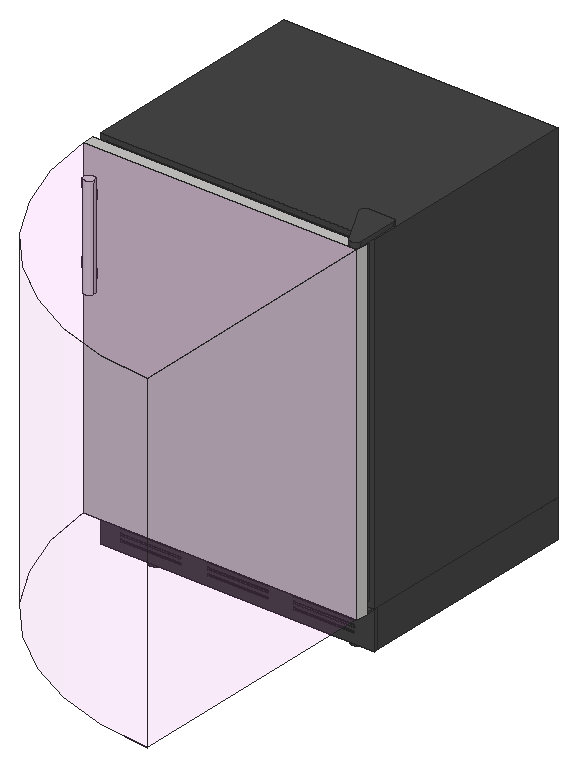
Revit family "QF_Summit_FF708BLSSRS_Refrigerator", category Specialty Equipment, Revit 2020
Family settings
  Round Connector Dimension = Use Diameter
  Part Type = Normal
  Work Plane-Based = No
  Always vertical = Yes
  Cut with Voids When Loaded = No
  Shared = No
  Room Calculation Point = No
Parameters
  Weight in Pounds = 100
  Watts = Volts * FL Amps  # 92 W
  Volts = 115 V
  URL Cutsheet = ""
  Specification by User = ""
  Specification by Manufacturer = ""
  Show Removable Cover [instance] = no
  Show 34.5 Height [instance] = no
  Show LHD [instance] = no
  Right Hinged Door [instance] = not(Show LHD)  # yes
  Serial Number = ""
  Seismic Rating = ""
  SMACNA No = ""
  Revision Code = ""
  Refrigerant Volume = 0.00 kip
  Refrigerant Type = "R600a"
  Phase = 1
  Number of Poles = 1
  NAFEM Spec ID Number = ""
  Model = "FF708BLSSRS"
  Min Ckt Ampacity = 0 A
  Max Overcurrent Protection = 0 A
  Masterspec = ""
  Manufacturer = "Summit"
  Length = 23 5/8"
  Item Number = ""
  Installed By = ""
  Identify Quantity as Lot = yes
  Height [instance] = if(Show 34.5 Height, 34 1/2", 33 1/2")  # 33 1/2"
  HP = ""
  Furnished By = ""
  Foodservice Equipment Identifier = yes
  FL Amps = 0.8 A
  Electrical Remarks = ""
  Electric Connection Type = ""
  Elec Conn RI Height = 0"
  Elec Conn Connection Height = 0"
  Description = "Refrigerator"
  Depth = 22 3/8"
  Default Elevation = 0"
  Cycle = 60 Hz
  Conn Plug = ""
  Conn Conduit = yes
  CSI MasterFormat = ""
  Base Height [instance] = if(Show 34.5 Height, 2 1/4", 1 1/4")  # 1 1/4"
  BTUH = 0.0 Btu/h
  Apparent Power = if(Phase = 3, Volts * FL Amps * 1.73, Volts * FL Amps)  # 92 VA
Reference planes (in)
  plane 1 "BACK": y = 0
  plane 2: z = 0
  plane 3 "LEFT": x = 0
  plane 4 "RIGHT": x = 23.625
  plane 5 "FRONT": y = -22.375
  plane 6 "TOP": z = 33.5
  plane 7 "Center Y": x = 11.8125
  plane 8 "Center X": y = -11.1875
  plane 9: z = 33.125
  plane 10: y = -24
  plane 11: y = -45
  plane 12: y = -0.75
  plane 13: y = -20.5
  plane 14 "Base Height": z = 1.25
  plane 15: x = 17.46169
  plane 16: z = 4.48989
Forms (in)
  Extrusion 1, solid, material "QF_Metallic_Paint_Black_Smooth"
    sketch origin (0, 0, 4.5) x (1, 0, 0) y (0, 1, 0)
      loop
        line (0, -0.75) -> (0, -20.5) -> (23.625, -20.5) -> (23.625, -0.75) -> (0, -0.75)
    from 0 to 28.625
  Extrusion 2, solid, material "QF_Metal_Stainless_Polished"
    sketch origin (-3.63846, -180, 1.25) x (-1, 0, 0) y (0, -1, 0)
      loop
        line (-3.63846, -157.625) -> (-27.26346, -157.625) -> (-27.26346, -158.625) -> (-3.63846, -158.625) -> (-3.63846, -157.625)
    from 3.25 to 31.875
  Extrusion 3, solid, material "QF_Metallic_Paint_Black_Smooth"
    sketch origin (23.625, -20.5, 4.5) x (-1, 0, 0) y (0, 0, -1)
      loop
        line (0.5, -0.5) -> (0.5, -28.125) -> (23.125, -28.125) -> (23.125, -0.5) -> (0.5, -0.5)
    from 0 to 0.875
  Extrusion 4, solid, material "QF_Metallic_Paint_Black_Smooth", visible <- "Right Hinged Door"
    sketch origin (0, 0, 33.125) x (1, 0, 0) y (0, 1, 0)
      loop
        arc (23.49982, -18.2597) -> (23.42659, -18.08292) -> (23.24982, -18.0097) r 0.25
        line (23.24982, -18.0097) -> (21.13852, -18.0097)
        arc (21.13852, -18.0097) -> (20.78238, -18.21325) -> (20.77701, -18.62342) r 0.41333
        line (20.77701, -18.62342) -> (22.69374, -22.08129)
        arc (22.69374, -22.08129) -> (23.17748, -22.28912) -> (23.49982, -21.87283) r 0.42999
        line (23.49982, -21.87283) -> (23.49982, -18.2597)
    from 0 to 0.375
  Extrusion 5, solid, material "QF_Metal_Stainless_Polished", visible <- "Right Hinged Door"
    sketch origin (-3.63846, -180, 31.375) x (-1, 0, 0) y (0, -1, 0)
      loop
        line (-3.63846, -158.625) -> (-3.51346, -158.625) -> (-3.51346, -157.55854) -> (-4.72237, -156.74311) -> (-5.38037, -156.74311) -> (-5.38037, -156.86811) -> (-4.76059, -156.86811) -> (-3.63846, -157.625) -> (-3.63846, -158.625)
    from -0.92956 to -1.67956
  Extrusion 6, solid, material "QF_Metal_Stainless_Polished", visible <- "Right Hinged Door"
    sketch origin (-3.63846, -180, 1.25) x (-1, 0, 0) y (0, -1, 0)
      loop
        circle (-5.05137, -156.43406) r 0.43516
    from 21.375 to 30.125
  Extrusion 7, solid, material "QF_Metal_Stainless_Polished", visible <- "Right Hinged Door"
    sketch origin (-3.63846, -180, 22.625) x (0, -1, 0) y (-1, 0, 0)
      loop
        line (-158.625, -3.63846) -> (-157.625, -3.63846) -> (-156.86811, -4.76059) -> (-156.86811, -5.38037) -> (-156.74311, -5.38037) -> (-156.74311, -4.72237) -> (-157.55854, -3.51346) -> (-158.625, -3.51346) -> (-158.625, -3.63846)
    from -0.92956 to -1.67956
  Extrusion 8, solid, material "QF_Metallic_Paint_Black_Smooth", visible <- "Right Hinged Door"
    sketch origin (-3.63846, -180, 4.5) x (0, -1, 0) y (-1, 0, 0)
      loop
        line (-159.5, -27.13827) -> (-158.12717, -27.13827)
        arc (-158.12717, -27.13827) -> (-157.71088, -26.81594) -> (-157.91871, -26.3322) r 0.42999
        line (-157.91871, -26.3322) -> (-159.5, -25.45567) -> (-159.5, -27.13827)
    from 0 to 0.125
  Extrusion 9, solid, material "QF_Metallic_Paint_Black_Smooth"
    sketch origin (0, -20.25, 0) x (1, 0, 0) y (0, 0, 1)
      loop
        line (0, 1.25) -> (23.625, 1.25) -> (23.625, 4.5) -> (0, 4.5) -> (0, 1.25)
      loop
        line (1.70562, 3.75) -> (1.70562, 3.5) -> (6.95562, 3.5) -> (6.95562, 3.75) -> (1.70562, 3.75)
      loop
        line (1.70562, 3.25) -> (1.70562, 3) -> (6.95562, 3) -> (6.95562, 3.25) -> (1.70562, 3.25)
      loop
        line (1.70562, 2.75) -> (1.70562, 2.5) -> (6.95562, 2.5) -> (6.95562, 2.75) -> (1.70562, 2.75)
      loop
        line (1.70562, 2.25) -> (1.70562, 2) -> (6.95562, 2) -> (6.95562, 2.25) -> (1.70562, 2.25)
      loop
        line (9.1875, 3.75) -> (9.1875, 3.5) -> (14.4375, 3.5) -> (14.4375, 3.75) -> (9.1875, 3.75)
      loop
        line (9.1875, 3.25) -> (9.1875, 3) -> (14.4375, 3) -> (14.4375, 3.25) -> (9.1875, 3.25)
      loop
        line (9.1875, 2.75) -> (9.1875, 2.5) -> (14.4375, 2.5) -> (14.4375, 2.75) -> (9.1875, 2.75)
      loop
        line (9.1875, 2.25) -> (9.1875, 2) -> (14.4375, 2) -> (14.4375, 2.25) -> (9.1875, 2.25)
      loop
        line (21.91938, 3.75) -> (16.66938, 3.75) -> (16.66938, 3.5) -> (21.91938, 3.5) -> (21.91938, 3.75)
      loop
        line (21.91938, 3.25) -> (16.66938, 3.25) -> (16.66938, 3) -> (21.91938, 3) -> (21.91938, 3.25)
      loop
        line (21.91938, 2.75) -> (16.66938, 2.75) -> (16.66938, 2.5) -> (21.91938, 2.5) -> (21.91938, 2.75)
      loop
        line (21.91938, 2.25) -> (16.66938, 2.25) -> (16.66938, 2) -> (21.91938, 2) -> (21.91938, 2.25)
    from 0 to 0.25
  Extrusion 10, solid, material "QF_Metallic_Paint_Black_Smooth"
    sketch origin (0, 0, 0) x (1, 0, 0) y (0, 0, 1)
      loop
        line (0, 4.5) -> (0, 1.25) -> (23.625, 1.25) -> (23.625, 4.5) -> (0, 4.5)
    from 20.25 to 0.75
  Extrusion 11, solid, material "QF_Metallic_Paint_Black_Smooth"
    sketch origin (0, 0, 0) x (1, 0, 0) y (0, 1, 0)
      loop
        circle (3.1104, -18.5) r 0.5
      loop
        circle (3.1104, -2.75) r 0.5
      loop
        circle (20.5146, -18.5) r 0.5
      loop
        circle (20.5146, -2.75) r 0.5
    from 0 to 0.25
  Extrusion 12, solid, material "QF_Metal_Stainless_Polished"
    sketch origin (0, -0.75, 4.25) x (1, 0, 0) y (0, 0, -1)
      loop
        circle (17.46169, 2.27816) r 0.25
    from 0 to 0.25
  Extrusion 13, solid, material "QF_Metallic_Paint_Black_Smooth"
    sketch origin (-3.63846, -180, 1.25) x (-1, 0, 0) y (0, -1, 0)
      loop
        line (-12.94623, -180) -> (-12.94623, -179.25) -> (-17.95568, -179.25) -> (-17.95568, -180) -> (-12.94623, -180)
    from 15.625 to 21.625
  Extrusion 14, solid, material "QF_Clearances_Door_Drawer", visible <- "Right Hinged Door"
    sketch origin (-3.63846, -180, 4.5) x (0, -1, 0) y (-1, 0, 0)
      loop
        line (-157.625, -27.26346) -> (-135, -27.26346)
        arc (-135, -27.26346) -> (-141.73517, -11.06738) -> (-157.625, -3.63846) r 24.27307
        line (-157.625, -3.63846) -> (-157.625, -27.26346)
    from 0 to -28.625
  Extrusion 15, solid, material "QF_Metallic_Paint_Black_Smooth"
    sketch origin (-3.63846, -180, 1.25) x (-1, 0, 0) y (0, -1, 0)
      loop
        circle (-6.74886, -161.5) r 0.25
      loop
        circle (-6.74886, -177.25) r 0.25
      loop
        circle (-24.15306, -161.5) r 0.25
      loop
        circle (-24.15306, -177.25) r 0.25
    from 0 to -1
  Extrusion 16, solid, material "QF_Metallic_Paint_Black_Smooth", visible <- "Show LHD"
    sketch origin (0, 0, 33.125) x (1, 0, 0) y (0, 1, 0)
      loop
        line (0.12518, -18.2597) -> (0.12518, -21.87283)
        arc (0.12518, -21.87283) -> (0.44752, -22.28912) -> (0.93126, -22.08129) r 0.42999
        line (0.93126, -22.08129) -> (2.84799, -18.62342)
        arc (2.84799, -18.62342) -> (2.84262, -18.21325) -> (2.48648, -18.0097) r 0.41333
        line (2.48648, -18.0097) -> (0.37518, -18.0097)
        arc (0.37518, -18.0097) -> (0.19841, -18.08292) -> (0.12518, -18.2597) r 0.25
    from 0 to 0.375
  Extrusion 17, solid, material "QF_Metal_Stainless_Polished", visible <- "Show LHD"
    sketch origin (-3.63846, -180, 31.375) x (-1, 0, 0) y (0, -1, 0)
      loop
        line (-27.26346, -158.625) -> (-27.26346, -157.625) -> (-26.14133, -156.86811) -> (-25.52154, -156.86811) -> (-25.52154, -156.74311) -> (-26.17954, -156.74311) -> (-27.38846, -157.55854) -> (-27.38846, -158.625) -> (-27.26346, -158.625)
    from -1.67956 to -0.92956
  Extrusion 18, solid, material "QF_Metal_Stainless_Polished", visible <- "Show LHD"
    sketch origin (-3.63846, -180, 1.25) x (-1, 0, 0) y (0, -1, 0)
      loop
        circle (-25.85054, -156.43406) r 0.43516
    from 30.125 to 21.375
  Extrusion 19, solid, material "QF_Metal_Stainless_Polished", visible <- "Show LHD"
    sketch origin (-3.63846, -180, 22.625) x (0, -1, 0) y (-1, 0, 0)
      loop
        line (-158.625, -27.26346) -> (-158.625, -27.38846) -> (-157.55854, -27.38846) -> (-156.74311, -26.17954) -> (-156.74311, -25.52154) -> (-156.86811, -25.52154) -> (-156.86811, -26.14133) -> (-157.625, -27.26346) -> (-158.625, -27.26346)
    from -0.92956 to -1.67956
  Extrusion 20, solid, material "QF_Metallic_Paint_Black_Smooth", visible <- "Show LHD"
    sketch origin (-3.63846, -180, 4.5) x (0, -1, 0) y (-1, 0, 0)
      loop
        line (-159.5, -3.76364) -> (-159.5, -5.44624) -> (-157.91871, -4.56971)
        arc (-157.91871, -4.56971) -> (-157.71088, -4.08597) -> (-158.12717, -3.76364) r 0.42999
        line (-158.12717, -3.76364) -> (-159.5, -3.76364)
    from 0 to 0.125
  Extrusion 21, solid, material "QF_Clearances_Door_Drawer", visible <- "Show LHD"
    sketch origin (31.5393, -180, 4.5) x (0, 1, 0) y (1, 0, 0)
      loop
        line (157.625, -31.5393) -> (157.625, -7.9143)
        arc (157.625, -7.9143) -> (141.73517, -15.34322) -> (135, -31.5393) r 24.27307
        line (135, -31.5393) -> (157.625, -31.5393)
    from 0 to -28.625
  Extrusion 22, solid, material "QF_Metallic_Paint_Black_Smooth", visible <- "Show Removable Cover"
    sketch origin (-3.63846, -180, 1.25) x (-1, 0, 0) y (0, -1, 0)
      loop
        line (-3.63846, -179.25) -> (-3.63846, -159.5) -> (-27.26346, -159.5) -> (-27.26346, -179.25) -> (-3.63846, -179.25)
      loop
        line (-3.88846, -159.75) -> (-27.01346, -159.75) -> (-27.01346, -179) -> (-3.88846, -179) -> (-3.88846, -159.75)
    from 0 to -1.25
Lines and regions (in)
  symbolic lines
    curve 1: line (0, -0.75, 0) -> (23.625, -0.75, 0)
    curve 2: line (0, -20.5, 0) -> (0, -0.75, 0)
    curve 3: line (23.625, -20.5, 0) -> (23.49982, -20.5, 0)
    curve 4: line (23.625, -0.75, 0) -> (23.625, -20.5, 0)
    curve 5: line (21.81722, -20.5, 0) -> (1.80778, -20.5, 0)
    curve 12: line (23.625, -22.375, 0) -> (0, -22.375, 0)
    curve 13: line (0, -21.375, 0) -> (0, -22.375, 0)
    curve 14: line (23.625, -21.375, 0) -> (23.49982, -21.375, 0)
    curve 15: line (23.625, -22.375, 0) -> (23.625, -21.375, 0)
    curve 16: line (22.30224, -21.375, 0) -> (1.32276, -21.375, 0)
    curve 28: line (9.30778, -0.75, 0) -> (9.30778, 0, 0)
    curve 29: line (9.30778, 0, 0) -> (14.31722, 0, 0)
    curve 30: line (14.31722, 0, 0) -> (14.31722, -0.75, 0)
    curve 54: line (0.12518, -20.5, 0) -> (0, -20.5, 0)
    curve 56: line (0.12518, -21.375, 0) -> (0, -21.375, 0)
  symbolic lines, visible <- "Right Hinged Door"
    curve 6: line (23.49982, -21.87283, 0) -> (23.49982, -18.2597, 0)
    curve 7: arc (23.49982, -18.2597, 0) -> (23.42659, -18.08292, 0) -> (23.24982, -18.0097, 0) r 0.25
    curve 8: line (23.24982, -18.0097, 0) -> (21.13852, -18.0097, 0)
    curve 9: arc (21.13852, -18.0097, 0) -> (20.78238, -18.21325, 0) -> (20.77701, -18.62342, 0) r 0.41333
    curve 10: line (20.77701, -18.62342, 0) -> (22.69374, -22.08129, 0)
    curve 11: arc (22.69374, -22.08129, 0) -> (23.17748, -22.28912, 0) -> (23.49982, -21.87283, 0) r 0.42999
    curve 17: line (-0.125, -21.375, 0) -> (-0.125, -22.44146, 0)
    curve 18: line (-0.125, -22.44146, 0) -> (1.08391, -23.25689, 0)
    curve 19: arc (0.97776, -23.56594, 0) -> (1.41291, -24.0011, 0) -> (1.84807, -23.56594, 0) r 0.43516
    curve 20: line (1.74192, -23.13189, 0) -> (1.12213, -23.13189, 0)
    curve 21: line (1.12213, -23.13189, 0) -> (0, -22.375, 0)
    curve 22: line (1.74192, -23.25689, 0) -> (1.74192, -23.13189, 0)
    curve 23: arc (1.84807, -23.56594, 0) -> (1.73137, -23.26938, 0) -> (1.44385, -23.13189, 0) r 0.43516
    curve 24: line (1.08391, -23.25689, 0) -> (1.10657, -23.25689, 0)
    curve 25: line (1.71926, -23.25689, 0) -> (1.74192, -23.25689, 0)
    curve 26: arc (1.38198, -23.13189, 0) -> (1.09446, -23.26938, 0) -> (0.97776, -23.56594, 0) r 0.43516
    curve 27: line (0.5, -21.375, 0) -> (0.5, -20.5, 0)
    curve 33: line (0, -21.375, 0) -> (-0.125, -21.375, 0)
    curve 53: line (1.80778, -20.5, 0) -> (0.12518, -20.5, 0)
    curve 55: line (1.32276, -21.375, 0) -> (0.12518, -21.375, 0)
  symbolic lines, style "QF_Clearances_Door_Drawer", visible <- "Right Hinged Door"
    curve 31: line (23.625, -22.375, 0) -> (3.7814, -33.83171, 0)
    curve 32: arc (3.7814, -33.83171, 0) -> (1.19256, -28.41738, 0) -> (0.01125, -22.53337, 0) r 24.27307
  symbolic lines, visible <- "Show LHD"
    curve 34: line (0.12518, -21.87283, 0) -> (0.12518, -18.2597, 0)
    curve 35: arc (0.12518, -18.2597, 0) -> (0.19841, -18.08292, 0) -> (0.37518, -18.0097, 0) r 0.25
    curve 36: line (0.37518, -18.0097, 0) -> (2.48648, -18.0097, 0)
    curve 37: arc (2.48648, -18.0097, 0) -> (2.84262, -18.21325, 0) -> (2.84799, -18.62342, 0) r 0.41333
    curve 38: line (2.84799, -18.62342, 0) -> (0.93126, -22.08129, 0)
    curve 39: arc (0.93126, -22.08129, 0) -> (0.44752, -22.28912, 0) -> (0.12518, -21.87283, 0) r 0.42999
    curve 40: line (23.75, -21.375, 0) -> (23.75, -22.44146, 0)
    curve 41: line (23.75, -22.44146, 0) -> (22.54109, -23.25689, 0)
    curve 42: arc (22.64724, -23.56594, 0) -> (22.21209, -24.0011, 0) -> (21.77693, -23.56594, 0) r 0.43516
    curve 43: line (21.88308, -23.13189, 0) -> (22.50287, -23.13189, 0)
    curve 44: line (22.50287, -23.13189, 0) -> (23.625, -22.375, 0)
    curve 45: line (21.88308, -23.25689, 0) -> (21.88308, -23.13189, 0)
    curve 46: arc (21.77693, -23.56594, 0) -> (21.89363, -23.26938, 0) -> (22.18115, -23.13189, 0) r 0.43516
    curve 47: arc (22.24302, -23.13189, 0) -> (22.53054, -23.26938, 0) -> (22.64724, -23.56594, 0) r 0.43516
    curve 50: line (23.625, -21.375, 0) -> (23.75, -21.375, 0)
    curve 51: line (22.54109, -23.25689, 0) -> (22.51843, -23.25689, 0)
    curve 52: line (21.90574, -23.25689, 0) -> (21.88308, -23.25689, 0)
    curve 57: line (23.125, -21.375, 0) -> (23.125, -20.5, 0)
    curve 58: line (21.81722, -20.5, 0) -> (23.49982, -20.5, 0)
    curve 59: line (22.30224, -21.375, 0) -> (23.49982, -21.375, 0)
  symbolic lines, style "QF_Clearances_Door_Drawer", visible <- "Show LHD"
    curve 48: line (0, -22.375, 0) -> (19.8436, -33.83171, 0)
    curve 49: arc (19.8436, -33.83171, 0) -> (22.43244, -28.41738, 0) -> (23.61375, -22.53337, 0) r 24.27307
Dimensions and locks (in)
  equal spacing: plane 3 "LEFT", plane 7 "Center Y", plane 4 "RIGHT"
  "Length": plane 3 "LEFT" to plane 4 "RIGHT"
  equal spacing: plane 5 "FRONT", plane 8 "Center X", plane 1 "BACK"
  "Depth": plane 5 "FRONT" to plane 1 "BACK"
  "Height": plane 6 "TOP" to level
  locked: plane 6 "TOP" to plane 9 at 0.375
  plane 10 to plane 5 "FRONT" = 1 5/8"
  plane 1 "BACK" to plane 12 = 3/4"
  plane 12 to plane 13 = 19 3/4"
  plane 13 to plane 11 = 24 1/2"
  plane 12 to plane 11 = 44 1/4"
  "Base Height": plane 14 "Base Height" to plane 2
  locked: plane 16 to plane 14 "Base Height" at 3.23989
  plane 9 to plane 14 "Base Height" = 31 7/8"
  aligned and locked: level to plane 2
  aligned and locked: Extrusion 22 to level
  aligned and locked: Extrusion 14 to Extrusion 2
  aligned and locked: Extrusion 21 to Extrusion 2
  aligned and locked: Extrusion 15 to Extrusion 11
Automatic sketch dimensions
  plane 3 "LEFT" to Extrusion 11 sketch curve = 3.1104"  (x2)
  Extrusion 11 sketch curve to plane 15 = 3.05291"  (x2)
  plane 13 to Extrusion 11 sketch curve = 2"  (x2)
  Extrusion 11 sketch curve to plane 12 = 2"  (x2)
  Extrusion 12 sketch curve to Extrusion 1 = 2.52816"
  Extrusion 12 sketch curve to Extrusion 1 = 6.16331"
  Extrusion 14 sketch curve to Extrusion 2 = 0"  (x3)
  Extrusion 14 sketch curve to Extrusion 2 = 0.64083"
  Extrusion 14 sketch curve to Extrusion 14 sketch curve = 22 5/8"
  Extrusion 15 sketch curve to plane 15 = 3.05291"  (x2)
  plane 3 "LEFT" to Extrusion 15 sketch curve = 3.1104"  (x2)
  Extrusion 15 sketch curve to plane 12 = 2"  (x2)
  plane 13 to Extrusion 15 sketch curve = 2"  (x2)
  Extrusion 21 sketch curve to Extrusion 2 = 0"  (x3)
  Extrusion 21 sketch curve to Extrusion 21 sketch curve = 22 5/8"
  Extrusion 21 sketch curve to Extrusion 2 = 0.59255"
  curve 19 to curve 23 = 0"  (x2)
  curve 19 to curve 26 = 0"  (x2)
  curve 23 to curve 26 = 0"  (x2)
  curve 42 to curve 46 = 0"  (x2)
  curve 42 to curve 47 = 0"  (x2)
  curve 46 to curve 47 = 0"  (x2)
  curve 48 to plane 3 "LEFT" = 0"
  curve 2 to plane 3 "LEFT" = 0"
  curve 53 to plane 13 = 0"
  curve 54 to plane 13 = 0"
  curve 5 to plane 13 = 0"
  curve 28 to plane 12 = 0"
  plane 1 "BACK" to curve 29 = 0"
  curve 58 to plane 13 = 0"
  curve 3 to plane 13 = 0"
  curve 50 to plane 4 "RIGHT" = 0"
  curve 1 to plane 4 "RIGHT" = 0"
  plane 5 "FRONT" to curve 44 = 0"
  curve 17 to plane 3 "LEFT" = 1/8"
  curve 49 to plane 13 = 0.23417"
  curve 49 to plane 3 "LEFT" = 0.59255"
  curve 13 to curve 55 = 0.12518"
  curve 34 to curve 35 = 1/4"
  curve 34 to curve 39 = 0.42999"
  curve 38 to plane 5 "FRONT" = 0.29371"
  curve 39 to curve 38 = 0.37608"
  plane 10 to curve 24 = 0.74311"
  plane 3 "LEFT" to curve 24 = 1.08391"
  curve 18 to curve 20 = 0.03822"
  curve 39 to curve 16 = 0.3915"
  curve 18 to curve 19 = 0.329"
  curve 19 to curve 25 = 0.329"
  curve 16 to curve 5 = 0.48502"
  curve 35 to curve 37 = 2.1113"
  plane 13 to curve 38 = 1.87658"
  plane 3 "LEFT" to curve 31 = 3.7814"
  curve 29 to plane 7 "Center Y" = 2.50472"
  plane 7 "Center Y" to curve 30 = 2.50472"
  curve 48 to plane 15 = 2.38191"
  plane 4 "RIGHT" to curve 10 = 2.84799"
  curve 9 to curve 8 = 0.36151"
  plane 5 "FRONT" to curve 45 = 0.75689"
  plane 4 "RIGHT" to curve 45 = 1.74192"
  curve 45 to curve 47 = 0.329"
  curve 42 to curve 44 = 0.29079"
  curve 43 to curve 51 = 0.01556"
  curve 51 to curve 41 = 0.02266"
  curve 10 to plane 5 "FRONT" = 0.29371"
  plane 4 "RIGHT" to curve 10 = 0.93126"
  curve 10 to curve 11 = 0.37608"
  plane 4 "RIGHT" to curve 7 = 0.37518"
  plane 4 "RIGHT" to curve 6 = 0.12518"
  curve 14 to curve 40 = 1/8"
  curve 32 to plane 13 = 0.23417"
  curve 32 to plane 4 "RIGHT" = 0.59255"
  plane 10 to curve 26 = 0.43406"
  plane 10 to curve 46 = 0.43406"
  curve 31 to plane 10 = 9.83171"
  curve 48 to plane 10 = 9.83171"
  curve 51 to curve 43 = 1/8"
  curve 52 to curve 43 = 1/8"
  curve 19 to curve 22 = 0.30906"
  curve 24 to curve 20 = 1/8"
  plane 5 "FRONT" to curve 17 = 0.06646"
  plane 5 "FRONT" to curve 41 = 0.06646"
  curve 34 to curve 13 = 0.49783"
  curve 11 to curve 14 = 0.49783"
  curve 55 to curve 56 = 0"
  plane 13 to curve 10 = 1.87658"
  curve 9 to curve 9 = 0.20039"
  curve 37 to curve 37 = 0.20039"
  curve 53 to curve 27 = 0.37482"
  curve 19 to curve 18 = 0.10616"
  curve 59 to curve 16 = 0"
  curve 57 to curve 14 = 0.37482"
  Extrusion 22 sketch curve to plane 4 "RIGHT" = 0"
  Extrusion 22 sketch curve to plane 3 "LEFT" = 0"
  Extrusion 22 sketch curve to plane 12 = 0"
  Extrusion 22 sketch curve to plane 13 = 0"
  plane 3 "LEFT" to Extrusion 22 sketch curve = 1/4"
  plane 13 to Extrusion 22 sketch curve = 1/4"
  Extrusion 22 sketch curve to plane 12 = 1/4"
  plane 4 "RIGHT" to Extrusion 22 sketch curve = 1/4"
  Extrusion 10 sketch curve to plane 3 "LEFT" = 0"
  plane 4 "RIGHT" to Extrusion 10 sketch curve = 0"
  plane 14 "Base Height" to Extrusion 10 sketch curve = 0"
  Extrusion 9 sketch curve to Extrusion 10 = 0"  (x3)
  Extrusion 9 sketch curve to Extrusion 10 = 1"  (x3)
  Extrusion 9 sketch curve to Extrusion 10 = 3/4"  (x3)
  Extrusion 9 sketch curve to Extrusion 10 = 1.70562"  (x2)
  Extrusion 9 sketch curve to Extrusion 9 sketch curve = 0"  (x18)
  Extrusion 9 sketch curve to Extrusion 10 = 1 1/4"  (x3)
  Extrusion 9 sketch curve to Extrusion 9 sketch curve = 5 1/4"  (x2)
  Extrusion 9 sketch curve to Extrusion 9 sketch curve = 2.23188"  (x2)
  Extrusion 9 sketch curve to Extrusion 10 = 1 1/2"
  Extrusion 9 sketch curve to Extrusion 10 = 1 3/4"
  Extrusion 9 sketch curve to Extrusion 9 sketch curve = 1/2"  (x2)
  Extrusion 9 sketch curve to Extrusion 9 sketch curve = 1/4"  (x11)
  Extrusion 10 to Extrusion 9 sketch curve = 0"
  Extrusion 1 sketch curve to Extrusion 10 = 0"  (x3)
  Extrusion 1 sketch curve to Extrusion 10 = 1/4"
  Extrusion 4 sketch curve to Extrusion 1 = 1.87658"
  Extrusion 4 sketch curve to Extrusion 1 = 2.84799"
  Extrusion 4 sketch curve to Extrusion 4 sketch curve = 0.36151"
  Extrusion 4 sketch curve to Extrusion 1 = 0.93126"
  Extrusion 4 sketch curve to Extrusion 4 sketch curve = 0.37608"
  Extrusion 4 sketch curve to Extrusion 1 = 0.37518"
  Extrusion 4 sketch curve to Extrusion 1 = 0.12518"
  Extrusion 1 to Extrusion 4 sketch curve = 1.37283"
  Extrusion 4 sketch curve to Extrusion 4 sketch curve = 0.20039"
  Extrusion 16 sketch curve to Extrusion 1 = 0.12518"
  Extrusion 16 sketch curve to Extrusion 16 sketch curve = 1/4"
  Extrusion 16 sketch curve to Extrusion 16 sketch curve = 0.42999"
  Extrusion 16 sketch curve to Extrusion 16 sketch curve = 0.37608"
  Extrusion 16 sketch curve to Extrusion 16 sketch curve = 2.1113"
  Extrusion 16 sketch curve to Extrusion 1 = 1.87658"
  Extrusion 16 sketch curve to Extrusion 16 sketch curve = 0.36151"
  Extrusion 1 to Extrusion 16 sketch curve = 1.37283"
  Extrusion 16 sketch curve to Extrusion 16 sketch curve = 0.20039"
  Extrusion 3 sketch curve to Extrusion 1 = 1/2"
  Extrusion 1 to Extrusion 3 sketch curve = 1/2"  (x3)
  Extrusion 2 sketch curve to plane 4 "RIGHT" = 0"
  Extrusion 2 sketch curve to plane 3 "LEFT" = 0"
  plane 5 "FRONT" to Extrusion 2 sketch curve = 0"
  Extrusion 2 sketch curve to plane 13 = 7/8"
  Extrusion 2 to Extrusion 8 sketch curve = 0.12518"
  Extrusion 8 sketch curve to Extrusion 8 sketch curve = 0.42999"
  Extrusion 2 to Extrusion 8 sketch curve = 0.29371"
  Extrusion 8 sketch curve to Extrusion 8 sketch curve = 0.37608"
  Extrusion 8 sketch curve to Extrusion 8 sketch curve = 1.6826"
  Extrusion 8 sketch curve to Extrusion 2 = 7/8"
  Extrusion 20 sketch curve to Extrusion 2 = 7/8"
  Extrusion 2 to Extrusion 20 sketch curve = 1.80778"
  Extrusion 2 to Extrusion 20 sketch curve = 0.93126"
  Extrusion 20 sketch curve to Extrusion 20 sketch curve = 0.37608"
  Extrusion 2 to Extrusion 20 sketch curve = 0.12518"
  Extrusion 2 to Extrusion 20 sketch curve = 0.49783"
  plane 10 to Extrusion 6 sketch curve = 0.43406"
  plane 3 "LEFT" to Extrusion 6 sketch curve = 1.41291"
  plane 10 to Extrusion 18 sketch curve = 0.43406"
  plane 4 "RIGHT" to Extrusion 18 sketch curve = 1.41291"
  Extrusion 5 sketch curve to Extrusion 5 sketch curve = 0.61979"
  Extrusion 5 sketch curve to Extrusion 5 sketch curve = 0.03822"
  Extrusion 5 sketch curve to Extrusion 5 sketch curve = 1.12213"
  Extrusion 5 sketch curve to Extrusion 5 sketch curve = 1/8"  (x2)
  Extrusion 5 sketch curve to Extrusion 5 sketch curve = 1"
  Extrusion 5 sketch curve to Extrusion 5 sketch curve = 0.06646"
  Extrusion 5 sketch curve to Extrusion 5 sketch curve = 0.75689"
  Extrusion 7 sketch curve to Extrusion 7 sketch curve = 0.61979"
  Extrusion 7 sketch curve to Extrusion 7 sketch curve = 0.03822"
  Extrusion 7 sketch curve to Extrusion 7 sketch curve = 1.12213"
  Extrusion 7 sketch curve to Extrusion 7 sketch curve = 1/8"  (x2)
  Extrusion 7 sketch curve to Extrusion 7 sketch curve = 1"
  Extrusion 7 sketch curve to Extrusion 7 sketch curve = 0.06646"
  Extrusion 7 sketch curve to Extrusion 7 sketch curve = 0.75689"
  Extrusion 17 sketch curve to Extrusion 17 sketch curve = 1/8"  (x2)
  Extrusion 17 sketch curve to Extrusion 17 sketch curve = 1.08391"
  Extrusion 17 sketch curve to Extrusion 17 sketch curve = 0.03822"
  Extrusion 17 sketch curve to Extrusion 17 sketch curve = 0.61979"
  Extrusion 17 sketch curve to Extrusion 17 sketch curve = 1"
  Extrusion 17 sketch curve to Extrusion 17 sketch curve = 0.06646"
  Extrusion 17 sketch curve to Extrusion 17 sketch curve = 0.75689"
  Extrusion 19 sketch curve to Extrusion 19 sketch curve = 1/8"  (x2)
  Extrusion 19 sketch curve to Extrusion 19 sketch curve = 1.08391"
  Extrusion 19 sketch curve to Extrusion 19 sketch curve = 0.03822"
  Extrusion 19 sketch curve to Extrusion 19 sketch curve = 0.61979"
  Extrusion 19 sketch curve to Extrusion 19 sketch curve = 1"
  Extrusion 19 sketch curve to Extrusion 19 sketch curve = 0.06646"
  Extrusion 19 sketch curve to Extrusion 19 sketch curve = 0.75689"
  plane 14 "Base Height" to Extrusion 10 sketch curve = 3 1/4"
  plane 1 "BACK" to Extrusion 13 sketch curve = 0"
  Extrusion 13 sketch curve to plane 12 = 0"
  plane 7 "Center Y" to Extrusion 13 sketch curve = 2.50472"
  Extrusion 13 sketch curve to plane 7 "Center Y" = 2.50472"
  radius of Extrusion 11 sketch curve = 1/2"  (x4)
  radius of Extrusion 12 sketch curve = 1/4"
  radius of Extrusion 15 sketch curve = 1/4"  (x4)
  radius of Extrusion 6 sketch curve = 0.43516"
  radius of Extrusion 18 sketch curve = 0.43516"
Connectors (in)
  electrical at (17.46169, -0.5, 1.97184), driven by "Volts", driven by "Watts"
    settings: on Extrusion 12, index 6, voltage 115 V, apparent load 92 VA, apparent load phase1 0 VA, apparent load phase2 0 VA, apparent load phase3 0 VA, power factor 1, load classification "Other", number of poles 1, system type 30, power factor state 1, is connector primary yes, connector utility no, sub classification motor no, connector description ""
